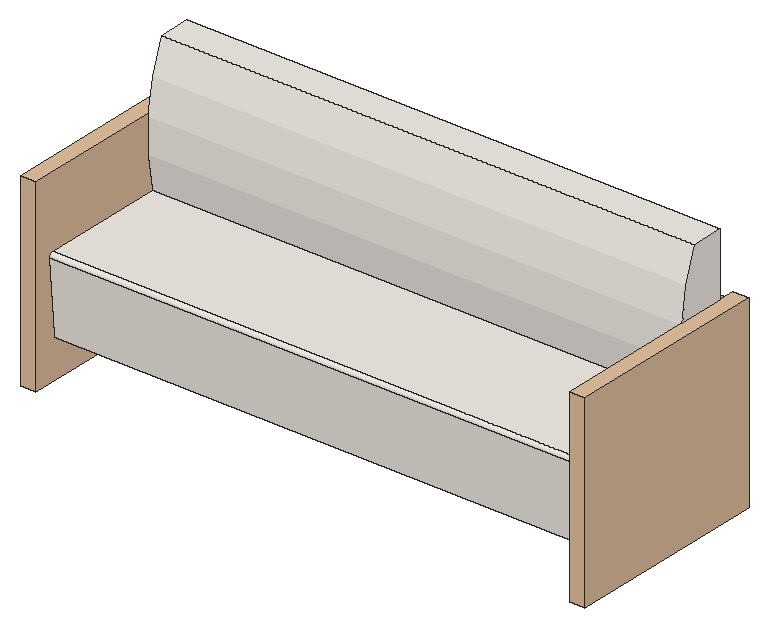
Revit family
Parameters (values of type "1830mm")
  Width = 1830.00 mm
  Material Seat = Textile - Linen, Smooth
  Material Frame = Wood - Cherry
  Keynote = "N"
  Assembly Code = ""
Types (2, lengths in mm): name | Width
  1830mm | 1830.00
  1350mm | 1350.00
Reference planes
  plane 1 "Center (Front/Back)": y = 146.154
  plane 2: z = 0
  plane 3 "Center (Left/Right)": x = 70.37
  plane 4: y = 476.354
  plane 5: y = -184.046
  plane 6: x = 985.37
  plane 7: x = -844.63
  plane 8: z = 812.8
Forms (mm)
  Extrusion 1, solid, material "Wood - Cherry" <- "Material Frame"
    sketch origin (0, 0, 0) x (1, 0, 0) y (0, 1, 0)
      loop
        line (-844.63, 476.354) -> (-844.63, -184.046) -> (-793.83, -184.046) -> (-793.83, 476.354) -> (-844.63, 476.354)
      loop
        line (934.57, 476.354) -> (934.57, -184.046) -> (985.37, -184.046) -> (985.37, 476.354) -> (934.57, 476.354)
    from 0 to 609.6
  Extrusion 2, solid, material "Textile - Linen, Smooth" <- "Material Seat"
    sketch origin (985.37, 0, 0) x (0, -1, 0) y (0, 0, 1)
      loop
        line (119.386, 381) -> (-286.176, 381)
        arc (-286.176, 381) -> (-268.63, 600.088) -> (-323.954, 812.8) r 660.4
        line (-323.954, 812.8) -> (-425.554, 812.8) -> (-425.554, 127.967) -> (111.108, 127.967) -> (132.038, 367.193)
        arc (132.038, 367.193) -> (128.75, 376.88) -> (119.386, 381) r 12.7
    from 50.8 to 1779.2
  Extrusion 3, solid, material "Wood - Cherry" <- "Material Frame"
    sketch origin (985.37, 0, 0) x (0, -1, 0) y (0, 0, 1)
      loop
        line (-476.354, 584.2) -> (-476.354, 457.2) -> (-425.554, 457.2) -> (-425.554, 584.2) -> (-476.354, 584.2)
      loop
        line (-476.354, 393.7) -> (-476.354, 266.7) -> (-425.554, 266.7) -> (-425.554, 393.7) -> (-476.354, 393.7)
      loop
        line (-476.354, 203.2) -> (-476.354, 76.2) -> (-425.554, 76.2) -> (-425.554, 203.2) -> (-476.354, 203.2)
    from 50.8 to 1779.2
Lines and regions (mm)
  Masking region 1
    outline origin (0, 0, 0) x (1, 0, 0) y (0, 1, 0)
      loop
        line (-844.63, 476.354) -> (-844.63, -184.046) -> (-793.83, -184.046) -> (-793.83, -132.038) -> (934.57, -132.038) -> (934.57, -184.046) -> (985.37, -184.046) -> (985.37, 476.354) -> (-844.63, 476.354)
  symbolic lines
    curve 1: line (-793.83, 476.354, 0) -> (934.57, 476.354, 0)
    curve 2: line (-793.83, 425.554, 0) -> (-793.83, 476.354, 0)
    curve 3: line (934.57, 425.554, 0) -> (-793.83, 425.554, 0)
    curve 4: line (934.57, 476.354, 0) -> (934.57, 425.554, 0)
    curve 5: line (985.37, -184.046, 0) -> (934.57, -184.046, 0)
    curve 6: line (985.37, 476.354, 0) -> (985.37, -184.046, 0)
    curve 7: line (934.57, 476.354, 0) -> (985.37, 476.354, 0)
    curve 8: line (934.57, -184.046, 0) -> (934.57, 476.354, 0)
    curve 9: line (-793.83, -184.046, 0) -> (-844.63, -184.046, 0)
    curve 10: line (-793.83, 476.354, 0) -> (-793.83, -184.046, 0)
    curve 11: line (-844.63, 476.354, 0) -> (-793.83, 476.354, 0)
    curve 12: line (-844.63, -184.046, 0) -> (-844.63, 476.354, 0)
    curve 13: line (-793.83, -132.038, 0) -> (934.57, -132.038, 0)
Dimensions and locks
  equal spacing: plane 7, plane 3 "Center (Left/Right)", plane 6
  equal spacing: plane 5, plane 1 "Center (Front/Back)", plane 4
  "Width": plane 7 to plane 6
  aligned and locked: Extrusion 2 to Extrusion 1  (x2)
  aligned and locked: Extrusion 2 to Extrusion 3
Automatic sketch dimensions
  Extrusion 1 sketch curve to plane 5 = 0.00 mm  (x2)
  Extrusion 1 sketch curve to plane 7 = 0.00 mm
  Extrusion 1 sketch curve to plane 4 = 0.00 mm  (x2)
  Extrusion 1 sketch curve to plane 6 = 0.00 mm
  Extrusion 1 sketch curve to Extrusion 1 sketch curve = 50.80 mm
  plane 6 to Extrusion 1 sketch curve = 50.80 mm
  Extrusion 2 sketch curve to plane 8 = 0.00 mm
  Extrusion 2 sketch curve to plane 4 = 450.163 mm
  plane 4 to Extrusion 2 sketch curve = 50.80 mm
  Extrusion 2 sketch curve to Extrusion 2 sketch curve = 101.60 mm
  Extrusion 2 sketch curve to plane 1 "Center (Front/Back)" = 140.022 mm
  Extrusion 2 sketch curve to plane 5 = 72.938 mm
  Extrusion 2 sketch curve to plane 5 = 64.66 mm
  Extrusion 2 sketch curve to Extrusion 2 sketch curve = 12.652 mm
  level to Extrusion 2 sketch curve = 542.53 mm
  Extrusion 2 sketch curve to Extrusion 2 sketch curve = 12.70 mm
  level to Extrusion 2 sketch curve = 127.967 mm
  Extrusion 3 sketch curve to plane 4 = 0.00 mm  (x3)
  plane 4 to Extrusion 3 sketch curve = 50.80 mm  (x3)
  level to Extrusion 3 sketch curve = 76.20 mm
  Extrusion 3 sketch curve to Extrusion 3 sketch curve = 127.00 mm  (x3)
  Extrusion 3 sketch curve to Extrusion 3 sketch curve = 63.50 mm  (x2)
  curve 12 to plane 4 = 0.00 mm
  curve 12 to plane 7 = 0.00 mm
  curve 10 to plane 5 = 0.00 mm
  curve 5 to plane 5 = 0.00 mm
  curve 6 to plane 6 = 0.00 mm
  curve 3 to plane 7 = 50.80 mm
  plane 6 to curve 13 = 50.80 mm
  curve 5 to curve 13 = 52.008 mm
  plane 4 to curve 3 = 50.80 mm
  Masking region 1 sketch curve to plane 4 = 0.00 mm
  Masking region 1 sketch curve to plane 7 = 0.00 mm
  Masking region 1 sketch curve to plane 5 = 0.00 mm  (x2)
  Masking region 1 sketch curve to plane 6 = 0.00 mm
  Masking region 1 sketch curve to plane 7 = 50.80 mm
  plane 6 to Masking region 1 sketch curve = 50.80 mm
  Masking region 1 sketch curve to Masking region 1 sketch curve = 52.008 mm
